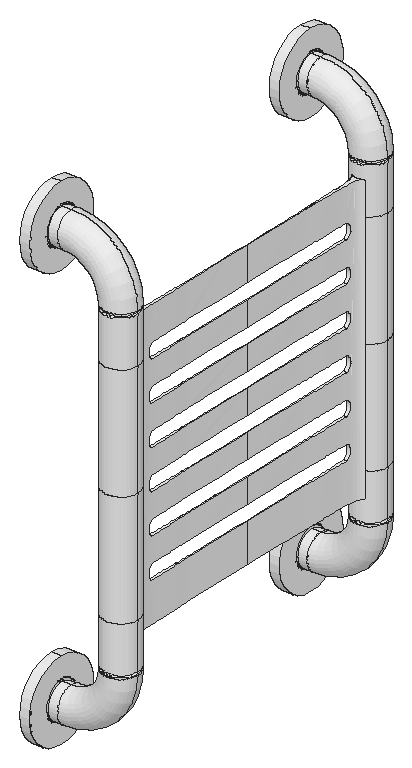
Revit family "DHGB0007_REVIT", category Generic Models, Revit 2017
Family settings
  Can host rebar = No
  Round Connector Dimension = Use Diameter
  Part Type = Normal
  Work Plane-Based = Yes
  Always vertical = No
  Cut with Voids When Loaded = Yes
  Shared = No
  Room Calculation Point = No
Parameters
  Website = "https://dolphy.in/"  # constant formula
  Model = "DHGB0007"  # constant formula
  Default Elevation = 1219.2 mm
  Contact number = "+91 9520202035"  # constant formula
  Contact email = "info@dolphy.in"  # constant formula
  Company name = "Dolphy India"  # constant formula
Reference planes
  plane 1 "Center (Front/Back)": y = 0
  plane 2: z = 0
  plane 3 "Center (Left/Right)": x = 0
Forms (mm)
  Sweep 1, solid, material "NYLON WHITE"
    path origin (10, -157.5, -92.969) x (0, 0, -1) y (1, 0, 0)
      loop
        line (-85, 60) -> (-200, 60) -> (-250, 60)
        arc (-250, 60) -> (-285.355, 45.355) -> (-300, 10) r 50
        line (-300, 10) -> (-300, 0)
    profile origin (70, -157.5, 49.531) x (-1, 0, 0) y (0, -1, 0)
      loop
        circle (0, 0) r 17.5
  Extrusion 2, solid, material "NYLON WHITE"
    sketch origin (10, -157.5, 206.562) x (0, 0, -1) y (0, -1, 0)
      loop
        circle (0, 0) r 40
    from 0 to 10
  Sweep 3, void
    path origin (10, -157.5, -93.438) x (0, -1, 0) y (1, 0, 0)
      loop
        circle (0, 59.882) r 17.671
    profile origin (69.882, -139.829, -93.438) x (0, 1, 0) y (0, 0, 1)
      loop
        circle (0, 248.125) r 1
  Sweep 4, void
    path origin (0, -157.5, -93.438) x (0, 0, -1) y (0, 1, 0)
      loop
        circle (-299.94, 0) r 18.75
    profile origin (0, -138.75, 206.502) x (0, -1, 0) y (1, 0, 0)
      loop
        circle (0, 9.687) r 0.469
  Sweep 5, solid, material "NYLON WHITE"
    path origin (10, -157.5, 77.031) x (0, 0, 1) y (-1, 0, 0)
      loop
        line (-85, -60) -> (-200, -60) -> (-250, -60)
        arc (-250, -60) -> (-285.355, -45.355) -> (-300, -10) r 50
        line (-300, -10) -> (-300, 0)
    profile origin (70, -157.5, -65.469) x (0, -1, 0) y (1, 0, 0)
      loop
        circle (0, 0) r 17.5
  Extrusion 6, solid, material "NYLON WHITE"
    sketch origin (10, -157.5, -222.5) x (0, 0, 1) y (0, 1, 0)
      loop
        circle (0, 0) r 40
    from 0 to 10
  Sweep 7, void
    path origin (10, -157.5, 77.5) x (1, 0, 0) y (0, 1, 0)
      loop
        circle (59.882, 0) r 17.671
    profile origin (69.882, -139.829, 77.5) x (0, 1, 0) y (0, 0, 1)
      loop
        circle (0, -248.125) r 1
  Sweep 8, void
    path origin (0, -157.5, 77.5) x (0, 0, 1) y (0, -1, 0)
      loop
        circle (-299.94, 0) r 18.75
    profile origin (0, -138.75, -222.44) x (1, 0, 0) y (0, 1, 0)
      loop
        circle (9.687, 0) r 0.469
  Sweep 9, solid, material "NYLON WHITE"
    path origin (10, 157.5, -92.969) x (0, 0, -1) y (-1, 0, 0)
      loop
        line (-85, -60) -> (-200, -60) -> (-250, -60)
        arc (-250, -60) -> (-285.355, -45.355) -> (-300, -10) r 50
        line (-300, -10) -> (-300, 0)
    profile origin (70, 157.5, 49.531) x (1, 0, 0) y (0, 1, 0)
      loop
        circle (0, 0) r 17.5
  Extrusion 10, solid, material "NYLON WHITE"
    sketch origin (10, 157.5, 206.562) x (0, 0, -1) y (0, -1, 0)
      loop
        circle (0, 0) r 40
    from 0 to 10
  Sweep 11, void
    path origin (10, 157.5, -93.438) x (0, -1, 0) y (1, 0, 0)
      loop
        circle (0, 59.882) r 17.671
    profile origin (69.882, 139.829, -93.438) x (0, 1, 0) y (0, 0, 1)
      loop
        circle (0, 248.125) r 1
  Sweep 12, void
    path origin (0, 157.5, -93.438) x (0, 0, -1) y (0, 1, 0)
      loop
        circle (-299.94, 0) r 18.75
    profile origin (0, 138.75, 206.502) x (0, -1, 0) y (1, 0, 0)
      loop
        circle (0, 9.687) r 0.469
  Sweep 13, solid, material "NYLON WHITE"
    path origin (10, 157.5, 77.031) x (0, 0, 1) y (1, 0, 0)
      loop
        line (-85, 60) -> (-200, 60) -> (-250, 60)
        arc (-250, 60) -> (-285.355, 45.355) -> (-300, 10) r 50
        line (-300, 10) -> (-300, 0)
    profile origin (70, 157.5, -65.469) x (0, 1, 0) y (-1, 0, 0)
      loop
        circle (0, 0) r 17.5
  Extrusion 14, solid, material "NYLON WHITE"
    sketch origin (10, 157.5, -222.5) x (0, 0, 1) y (0, 1, 0)
      loop
        circle (0, 0) r 40
    from 0 to 10
  Sweep 15, void
    path origin (10, 157.5, 77.5) x (1, 0, 0) y (0, 1, 0)
      loop
        circle (59.882, 0) r 17.671
    profile origin (69.882, 139.829, 77.5) x (0, 1, 0) y (0, 0, 1)
      loop
        circle (0, -248.125) r 1
  Sweep 16, void
    path origin (0, 157.5, 77.5) x (0, 0, 1) y (0, -1, 0)
      loop
        circle (-299.94, 0) r 18.75
    profile origin (0, 138.75, -222.44) x (1, 0, 0) y (0, 1, 0)
      loop
        circle (9.687, 0) r 0.469
  Extrusion 17, solid, material "NYLON WHITE"
    sketch origin (10, 0, -7.969) x (1, 0, 0) y (0, 1, 0)
      loop
        spline (60.125, -174.943) -> (72.956, -168.667) -> (77.08, -157.766) -> (73.396, -146.99) -> (65.801, -140.404) -> (62.42, -130.958) -> (61.61, -116.318) -> (61.456, -102.95) -> (61.254, -90.997) -> (60.941, -81.116) -> (60.71, -72.946) -> (60.621, -54.696) -> (60.608, 0)
        spline (60.608, 0) -> (60.621, 54.696) -> (60.71, 72.946) -> (60.941, 81.116) -> (61.254, 90.997) -> (61.456, 102.95) -> (61.61, 116.318) -> (62.42, 130.958) -> (65.801, 140.404) -> (73.396, 146.99) -> (77.08, 157.766) -> (72.956, 168.667) -> (60.125, 174.943)
        spline (60.125, 174.943) -> (47.231, 169.043) -> (42.872, 157.299) -> (47.792, 145.848) -> (56.006, 138.615) -> (58.292, 128.372) -> (58.594, 117.981) -> (58.771, 103.743) -> (59.046, 87.461) -> (59.316, 71.627) -> (59.501, 58.685) -> (59.571, 42.049) -> (59.582, 0)
        spline (59.582, 0) -> (59.571, -42.049) -> (59.501, -58.685) -> (59.316, -71.627) -> (59.046, -87.461) -> (58.771, -103.743) -> (58.594, -117.981) -> (58.292, -128.372) -> (56.006, -138.615) -> (47.792, -145.848) -> (42.872, -157.299) -> (47.231, -169.043) -> (60.125, -174.943)
    from -140.576 to 148.097
  Extrusion 18, void
    sketch origin (10, 0, -7.969) x (0, 1, 0) y (0, 0, 1)
      loop
        spline (-121.053, 114.419) -> (-122.224, 113.088) -> (-123.182, 111.76) -> (-123.927, 110.438) -> (-124.459, 109.121) -> (-124.779, 107.808) -> (-124.885, 106.5) -> (-124.779, 105.196) -> (-124.459, 103.897) -> (-123.927, 102.604) -> (-123.182, 101.314) -> (-122.224, 100.03) -> (-121.053, 98.75)
        line (-121.053, 98.75) -> (126.058, 98.75)
        spline (126.058, 98.75) -> (127.31, 100.11) -> (128.334, 101.461) -> (129.13, 102.801) -> (129.699, 104.132) -> (130.041, 105.453) -> (130.154, 106.763) -> (130.041, 108.064) -> (129.699, 109.355) -> (129.13, 110.636) -> (128.334, 111.907) -> (127.31, 113.168) -> (126.058, 114.419)
        line (126.058, 114.419) -> (-121.053, 114.419)
    from 42.586 to 77.494
  Extrusion 19, void
    sketch origin (10, 0, -47.969) x (0, 1, 0) y (0, 0, 1)
      loop
        spline (-121.053, 114.419) -> (-122.224, 113.088) -> (-123.182, 111.76) -> (-123.927, 110.438) -> (-124.459, 109.121) -> (-124.779, 107.808) -> (-124.885, 106.5) -> (-124.779, 105.196) -> (-124.459, 103.897) -> (-123.927, 102.604) -> (-123.182, 101.314) -> (-122.224, 100.03) -> (-121.053, 98.75)
        line (-121.053, 98.75) -> (126.058, 98.75)
        spline (126.058, 98.75) -> (127.31, 100.11) -> (128.334, 101.461) -> (129.13, 102.801) -> (129.699, 104.132) -> (130.041, 105.453) -> (130.154, 106.763) -> (130.041, 108.064) -> (129.699, 109.355) -> (129.13, 110.636) -> (128.334, 111.907) -> (127.31, 113.168) -> (126.058, 114.419)
        line (126.058, 114.419) -> (-121.053, 114.419)
    from 42.586 to 77.494
  Extrusion 20, void
    sketch origin (10, 0, -87.969) x (0, 1, 0) y (0, 0, 1)
      loop
        spline (-121.053, 114.419) -> (-122.224, 113.088) -> (-123.182, 111.76) -> (-123.927, 110.438) -> (-124.459, 109.121) -> (-124.779, 107.808) -> (-124.885, 106.5) -> (-124.779, 105.196) -> (-124.459, 103.897) -> (-123.927, 102.604) -> (-123.182, 101.314) -> (-122.224, 100.03) -> (-121.053, 98.75)
        line (-121.053, 98.75) -> (126.058, 98.75)
        spline (126.058, 98.75) -> (127.31, 100.11) -> (128.334, 101.461) -> (129.13, 102.801) -> (129.699, 104.132) -> (130.041, 105.453) -> (130.154, 106.763) -> (130.041, 108.064) -> (129.699, 109.355) -> (129.13, 110.636) -> (128.334, 111.907) -> (127.31, 113.168) -> (126.058, 114.419)
        line (126.058, 114.419) -> (-121.053, 114.419)
    from 42.586 to 77.494
  Extrusion 21, void
    sketch origin (10, 0, -127.969) x (0, 1, 0) y (0, 0, 1)
      loop
        spline (-121.053, 114.419) -> (-122.224, 113.088) -> (-123.182, 111.76) -> (-123.927, 110.438) -> (-124.459, 109.121) -> (-124.779, 107.808) -> (-124.885, 106.5) -> (-124.779, 105.196) -> (-124.459, 103.897) -> (-123.927, 102.604) -> (-123.182, 101.314) -> (-122.224, 100.03) -> (-121.053, 98.75)
        line (-121.053, 98.75) -> (126.058, 98.75)
        spline (126.058, 98.75) -> (127.31, 100.11) -> (128.334, 101.461) -> (129.13, 102.801) -> (129.699, 104.132) -> (130.041, 105.453) -> (130.154, 106.763) -> (130.041, 108.064) -> (129.699, 109.355) -> (129.13, 110.636) -> (128.334, 111.907) -> (127.31, 113.168) -> (126.058, 114.419)
        line (126.058, 114.419) -> (-121.053, 114.419)
    from 42.586 to 77.494
  Extrusion 22, void
    sketch origin (10, 0, -167.969) x (0, 1, 0) y (0, 0, 1)
      loop
        spline (-121.053, 114.419) -> (-122.224, 113.088) -> (-123.182, 111.76) -> (-123.927, 110.438) -> (-124.459, 109.121) -> (-124.779, 107.808) -> (-124.885, 106.5) -> (-124.779, 105.196) -> (-124.459, 103.897) -> (-123.927, 102.604) -> (-123.182, 101.314) -> (-122.224, 100.03) -> (-121.053, 98.75)
        line (-121.053, 98.75) -> (126.058, 98.75)
        spline (126.058, 98.75) -> (127.31, 100.11) -> (128.334, 101.461) -> (129.13, 102.801) -> (129.699, 104.132) -> (130.041, 105.453) -> (130.154, 106.763) -> (130.041, 108.064) -> (129.699, 109.355) -> (129.13, 110.636) -> (128.334, 111.907) -> (127.31, 113.168) -> (126.058, 114.419)
        line (126.058, 114.419) -> (-121.053, 114.419)
    from 42.586 to 77.494
  Extrusion 23, void
    sketch origin (10, 0, -207.969) x (0, 1, 0) y (0, 0, 1)
      loop
        spline (-121.053, 114.419) -> (-122.224, 113.088) -> (-123.182, 111.76) -> (-123.927, 110.438) -> (-124.459, 109.121) -> (-124.779, 107.808) -> (-124.885, 106.5) -> (-124.779, 105.196) -> (-124.459, 103.897) -> (-123.927, 102.604) -> (-123.182, 101.314) -> (-122.224, 100.03) -> (-121.053, 98.75)
        line (-121.053, 98.75) -> (126.058, 98.75)
        spline (126.058, 98.75) -> (127.31, 100.11) -> (128.334, 101.461) -> (129.13, 102.801) -> (129.699, 104.132) -> (130.041, 105.453) -> (130.154, 106.763) -> (130.041, 108.064) -> (129.699, 109.355) -> (129.13, 110.636) -> (128.334, 111.907) -> (127.31, 113.168) -> (126.058, 114.419)
        line (126.058, 114.419) -> (-121.053, 114.419)
    from 42.586 to 77.494
Cuts and joins
  Sweep 8, Sweep 16 cuts Extrusion 6
  Sweep 3, Sweep 4, Sweep 7, Sweep 8, Sweep 11, Sweep 12 cuts Sweep 1
  Sweep 4, Sweep 7, Sweep 8, Sweep 11, Sweep 12 cuts Extrusion 2
  Sweep 7, Sweep 15 cuts Sweep 5
  Sweep 11 cuts Sweep 9
  Sweep 15 cuts Sweep 13
  Extrusion 18, Extrusion 19, Extrusion 20, Extrusion 21, Extrusion 22, Extrusion 23 cuts Extrusion 17
  joined: Sweep 1, Extrusion 2, Sweep 5, Sweep 9, Sweep 13, Extrusion 17
  Sweep 12 cuts Extrusion 10
  Sweep 16 cuts Extrusion 14
Dimensions and locks
  aligned and locked: level to plane 2
